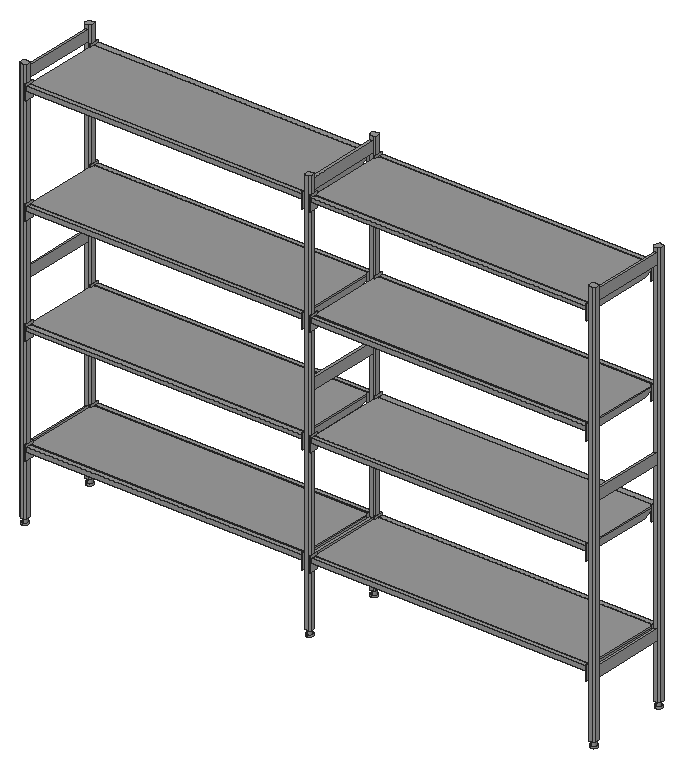
Revit family "QF_ELECTROLUXPROFESSIONAL_137026_ALS2404", category Attrezzature speciali, Revit 2020
Family settings
  Quota connettore circolare = Usa diametro
  Tipo di parte = Normale
  Basato su piano di lavoro = No
  Sempre verticale = Sì
  Taglio con vuoti quando caricato = No
  Condiviso = No
  Punto di calcolo locali = No
Parameters (values of type "Standard")
  Weight = 39.00 kg
  Watts = 0 W
  Volts = 0 V
  URL Manufacturer = "https://www.electroluxprofessional.com/"
  URL = "https://www.electroluxprofessional.com/"
  Steam Supply Size = 0 mm
  Steam Supply Minimum Pressure = 0.0 Pa
  Steam Supply Maximum Pressure = 0.0 Pa
  Steam Consumption per Hour = 0
  Refrigeration Suction Line Size = 0.0 mm
  Refrigeration Liquid Line Size = 0.0 mm
  Refrigerant Compressor Remote = yes
  Prospetto di default = 0.0 mm
  Phase = 0
  Modello = "ALS2404"
  Produttore = "Electrolux Professional"
  Length Actual = 2404.0 mm  # constant formula
  Item Number = "137026"
  Hot Water Size = 0 mm
  Height Actual = 1700.0 mm  # constant formula
  HP = "0 HP"
  Gas Size = 0 mm
  Gas KW = 0
  Gas Input Pressure = 0 W
  Direct Waste Size = 0 mm
  Descrizione = "ALUM.LINEAR SHELV.-POLY.TIERS-373X2404MM"
  Depth Actual = 373.0 mm  # constant formula
  Cycle = 0 Hz
  Condensate Return Size = 0 mm
  Compressed Air Volume = 0.0 L/s
  Compressed Air Size = 0 mm
  Compressed Air Pressure = 0.0 Pa
  Cold Water Size = 0 mm
  Accessory = yes
Reference planes
  plane 1: z = 0
  plane 2 "CenterLeft": x = -31
  plane 3 "LEFT": x = -417
  plane 4 "BACK": y = 23
  plane 5 "FRONT": y = -350
  plane 6 "TOP": z = 1700
  plane 7: x = -385
  plane 8: x = 767
  plane 9 "Center (Front/Back)": y = -163.5
  plane 10: y = -8.5
  plane 11: y = -318.5
  plane 12 "FEET": z = 25
  plane 13: z = 275
  plane 14: z = 725
  plane 15: z = 1175
  plane 16: z = 1625
  plane 17 "CXLeft": x = -403
  plane 18 "Center (Left/Right)": x = 785
  plane 19: y = 5.5
  plane 20 "CYBack": y = 5.5
  plane 21 "CYFront": y = -332.5
  plane 22 "RIGHT": x = 1987
  plane 23: x = 1955
  plane 24 "CXRight": x = 1973
  plane 25: x = 803
Forms (mm)
  Extrusion 1, solid, material "QF_Aluminum"
    sketch origin (-417, 0, -4.006) x (0, 1, 0) y (0, 0, 1)
      loop
        line (-12, 1637.003) -> (4, 1637.003) -> (4, 1655) -> (2.007, 1655) -> (2.007, 1648.501) -> (-329, 1648.501) -> (-329, 1655) -> (-331, 1655) -> (-331, 1637.003) -> (-315, 1637.003) -> (-281, 1625) -> (-46, 1625) -> (-12, 1637.003)
      loop
        line (-12, 1187.003) -> (4, 1187.003) -> (4, 1205) -> (2.007, 1205) -> (2.007, 1198.501) -> (-329, 1198.501) -> (-329, 1205) -> (-331, 1205) -> (-331, 1187.003) -> (-315, 1187.003) -> (-281, 1175) -> (-46, 1175) -> (-12, 1187.003)
      loop
        line (-12, 737.003) -> (4, 737.003) -> (4, 755) -> (2.007, 755) -> (2.007, 748.501) -> (-329, 748.501) -> (-329, 755) -> (-331, 755) -> (-331, 737.003) -> (-315, 737.003) -> (-281, 725) -> (-46, 725) -> (-12, 737.003)
      loop
        line (-12, 287.003) -> (4, 287.003) -> (4, 305) -> (2.007, 305) -> (2.007, 298.501) -> (-329, 298.501) -> (-329, 305) -> (-331, 305) -> (-331, 287.003) -> (-315, 287.003) -> (-281, 275) -> (-46, 275) -> (-12, 287.003)
    from 37 to 32
  Extrusion 2, solid, material "QF_Aluminum"
    sketch origin (-417, 0, 0) x (0, 1, 0) y (0, 0, 1)
      loop
        line (23, 246.005) -> (23, 307.993) -> (-12.993, 307.993) -> (-12.993, 246.005) -> (23, 246.005)
      loop
        line (-350, 246.005) -> (-314.007, 246.005) -> (-314.007, 307.993) -> (-350, 307.993) -> (-350, 246.005)
      loop
        line (23, 696.005) -> (23, 757.993) -> (-12.993, 757.993) -> (-12.993, 696.005) -> (23, 696.005)
      loop
        line (-350, 696.005) -> (-314.007, 696.005) -> (-314.007, 757.993) -> (-350, 757.993) -> (-350, 696.005)
      loop
        line (23, 1146.005) -> (23, 1207.993) -> (-12.993, 1207.993) -> (-12.993, 1146.005) -> (23, 1146.005)
      loop
        line (-350, 1146.005) -> (-314.007, 1146.005) -> (-314.007, 1207.993) -> (-350, 1207.993) -> (-350, 1146.005)
      loop
        line (23, 1596.005) -> (23, 1657.993) -> (-12.993, 1657.993) -> (-12.993, 1596.005) -> (23, 1596.005)
      loop
        line (-350, 1596.005) -> (-314.007, 1596.005) -> (-314.007, 1657.993) -> (-350, 1657.993) -> (-350, 1596.005)
    from 28 to 32
  Extrusion 3, solid, material "QF_Aluminum"
    sketch origin (-417, 0, 0) x (0, 1, 0) y (0, 0, 1)
      loop
        line (4, 1650.994) -> (4, 1632.998) -> (23, 1632.998) -> (23, 1650.994) -> (4, 1650.994)
      loop
        line (-331, 1650.994) -> (-350, 1650.994) -> (-350, 1632.998) -> (-331, 1632.998) -> (-331, 1650.994)
      loop
        line (4, 1200.994) -> (4, 1182.998) -> (23, 1182.998) -> (23, 1200.994) -> (4, 1200.994)
      loop
        line (-331, 1200.994) -> (-350, 1200.994) -> (-350, 1182.998) -> (-331, 1182.998) -> (-331, 1200.994)
      loop
        line (4, 750.994) -> (4, 732.998) -> (23, 732.998) -> (23, 750.994) -> (4, 750.994)
      loop
        line (-331, 750.994) -> (-350, 750.994) -> (-350, 732.998) -> (-331, 732.998) -> (-331, 750.994)
      loop
        line (4, 300.994) -> (4, 282.998) -> (23, 282.998) -> (23, 300.994) -> (4, 300.994)
      loop
        line (-331, 300.994) -> (-350, 300.994) -> (-350, 282.998) -> (-331, 282.998) -> (-331, 300.994)
    from 32 to 1184
  Extrusion 4, solid, material "QF_Polyethylene"
    sketch origin (-417, 0, 0) x (0, 1, 0) y (0, 0, 1)
      loop
        line (2.007, 1650.994) -> (-329, 1650.994) -> (-329, 1644.496) -> (2.007, 1644.496) -> (2.007, 1650.994)
      loop
        line (2.007, 1200.994) -> (-329, 1200.994) -> (-329, 1194.496) -> (2.007, 1194.496) -> (2.007, 1200.994)
      loop
        line (2.007, 750.994) -> (-329, 750.994) -> (-329, 744.496) -> (2.007, 744.496) -> (2.007, 750.994)
      loop
        line (2.007, 300.994) -> (-329, 300.994) -> (-329, 294.496) -> (2.007, 294.496) -> (2.007, 300.994)
    from 32 to 1184
  Extrusion 5, solid, material "QF_Aluminum"
    sketch origin (1987, 0, 0) x (0, 1, 0) y (0, 0, 1)
      loop
        line (4, 1650.994) -> (4, 1632.998) -> (23, 1632.998) -> (23, 1650.994) -> (4, 1650.994)
      loop
        line (-331, 1650.994) -> (-350, 1650.994) -> (-350, 1632.998) -> (-331, 1632.998) -> (-331, 1650.994)
      loop
        line (4, 1200.994) -> (4, 1182.998) -> (23, 1182.998) -> (23, 1200.994) -> (4, 1200.994)
      loop
        line (-331, 1200.994) -> (-350, 1200.994) -> (-350, 1182.998) -> (-331, 1182.998) -> (-331, 1200.994)
      loop
        line (4, 750.994) -> (4, 732.998) -> (23, 732.998) -> (23, 750.994) -> (4, 750.994)
      loop
        line (-331, 750.994) -> (-350, 750.994) -> (-350, 732.998) -> (-331, 732.998) -> (-331, 750.994)
      loop
        line (4, 300.994) -> (4, 282.998) -> (23, 282.998) -> (23, 300.994) -> (4, 300.994)
      loop
        line (-331, 300.994) -> (-350, 300.994) -> (-350, 282.998) -> (-331, 282.998) -> (-331, 300.994)
    from -32 to -1184
  Extrusion 6, solid, material "QF_Polyethylene"
    sketch origin (1987, 0, 0) x (0, 1, 0) y (0, 0, 1)
      loop
        line (2.007, 1650.994) -> (-329, 1650.994) -> (-329, 1644.496) -> (2.007, 1644.496) -> (2.007, 1650.994)
      loop
        line (2.007, 1200.994) -> (-329, 1200.994) -> (-329, 1194.496) -> (2.007, 1194.496) -> (2.007, 1200.994)
      loop
        line (2.007, 750.994) -> (-329, 750.994) -> (-329, 744.496) -> (2.007, 744.496) -> (2.007, 750.994)
      loop
        line (2.007, 300.994) -> (-329, 300.994) -> (-329, 294.496) -> (2.007, 294.496) -> (2.007, 300.994)
    from -32 to -1184
Lines and regions (mm)
  symbolic lines
    curve 1: line (767, 4, 1700) -> (-385, 4, 1700)
    curve 2: line (-408, -8.5, 1700) -> (-408, -318.5, 1700)
    curve 3: line (-398, -318.5, 1700) -> (-398, -8.5, 1700)
    curve 4: line (-389, 23, 1700) -> (771, 23, 1700)
    curve 5: line (-385, -350, 1700) -> (767, -350, 1700)
    curve 6: line (799, 23, 1700) -> (1959, 23, 1700)
    curve 7: line (799, -350, 1700) -> (1959, -350, 1700)
    curve 8: line (-385, -331, 1700) -> (767, -331, 1700)
    curve 9: line (803, -331, 1700) -> (1955, -331, 1700)
    curve 10: line (803, 4, 1700) -> (1955, 4, 1700)
    curve 11: line (1955, -12.993, 1700) -> (1955, -314.007, 1700)
    curve 12: line (767, -12.993, 1700) -> (767, -314.007, 1700)
    curve 13: line (803, -314.007, 1700) -> (803, -12.993, 1700)
    curve 14: line (-385, -12.993, 1700) -> (-385, -314.007, 1700)
Dimensions and locks
  plane 3 "LEFT" to plane 2 "CenterLeft" = 386.0 mm
  locked: plane 6 "TOP" to level at 1700
  locked: plane 4 "BACK" to plane 5 "FRONT" at 373
  locked: plane 7 to plane 8 at 1152
  locked: plane 10 to plane 11 at 310
  equal spacing: plane 10, plane 9 "Center (Front/Back)", plane 11
  equal spacing: plane 4 "BACK", plane 9 "Center (Front/Back)", plane 5 "FRONT"
  plane 12 "FEET" to level = 25.0 mm
  plane 6 "TOP" to plane 12 "FEET" = 1675.0 mm
  plane 13 to plane 12 "FEET" = 250.0 mm
  plane 14 to plane 13 = 450.0 mm
  plane 15 to plane 14 = 450.0 mm
  plane 16 to plane 15 = 450.0 mm
  locked: plane 4 "BACK" to plane 20 "CYBack" at 17.5
  locked: plane 21 "CYFront" to plane 5 "FRONT" at 17.5
  locked: plane 4 "BACK" to Extrusion 1 at 19
  locked: Extrusion 1 to plane 5 "FRONT" at 19
  Extrusion 1 sketch curve to plane 21 "CYFront" = 3.5 mm
  plane 3 "LEFT" to plane 22 "RIGHT" = 2404.0 mm
  locked: plane 25 to plane 23 at 1152
  locked: plane 8 to plane 18 "Center (Left/Right)" at 18
  locked: plane 18 "Center (Left/Right)" to plane 25 at 18
  locked: plane 3 "LEFT" to plane 7 at 32
  locked: plane 24 "CXRight" to plane 22 "RIGHT" at 14
  aligned and locked: level to plane 1
  aligned and locked: plane 7 to Extrusion 1
  aligned and locked: Extrusion 2 to plane 7
  aligned and locked: plane 7 to Extrusion 4
  aligned and locked: Extrusion 4 to plane 8
  aligned and locked: plane 7 to Extrusion 3
  aligned and locked: Extrusion 3 to plane 8
  aligned and locked: Extrusion 3 sketch curve to Extrusion 1
  aligned and locked: Extrusion 1 to Extrusion 3 sketch curve
  aligned and locked: Extrusion 3 sketch curve to Extrusion 3 sketch curve  (x2)
  aligned and locked: Extrusion 1 sketch curve to Extrusion 1 sketch curve  (x3)
  aligned and locked: Extrusion 4 sketch curve to Extrusion 1  (x4)
  aligned and locked: Extrusion 5 sketch curve to Extrusion 5 sketch curve  (x2)
  aligned and locked: Extrusion 5 to plane 25
  aligned and locked: Extrusion 6 to plane 25
  aligned and locked: plane 18 "Center (Left/Right)" to nested 3
  aligned and locked: plane 17 "CXLeft" to nested 1
  aligned and locked: Extrusion 3 to plane 7  (x3)
  aligned and locked: plane 8 to Extrusion 3  (x4)
  aligned and locked: plane 25 to Extrusion 5  (x4)
  aligned and locked: plane 25 to Extrusion 6  (x4)
  aligned and locked: plane 8 to Extrusion 4  (x4)
  aligned and locked: plane 24 "CXRight" to nested 2
  aligned and locked: Extrusion 5 to plane 23
  aligned and locked: Extrusion 6 to plane 23
  aligned and locked: plane 23 to Extrusion 5  (x3)
  aligned and locked: plane 23 to Extrusion 6  (x3)
Automatic sketch dimensions
  plane 21 "CYFront" to Extrusion 1 sketch curve = 1.5 mm  (x4)
  plane 11 to Extrusion 1 sketch curve = 3.5 mm  (x4)
  Extrusion 1 sketch curve to plane 13 = 4.006 mm
  Extrusion 1 sketch curve to Extrusion 1 sketch curve = 34.0 mm  (x4)
  Extrusion 1 sketch curve to plane 14 = 4.006 mm
  Extrusion 1 sketch curve to plane 15 = 4.006 mm
  Extrusion 1 sketch curve to plane 16 = 4.006 mm
  Extrusion 1 sketch curve to plane 10 = 37.5 mm  (x4)
  Extrusion 1 sketch curve to plane 10 = 3.5 mm  (x4)
  plane 19 to Extrusion 1 sketch curve = 3.493 mm  (x4)
  plane 19 to Extrusion 1 sketch curve = 1.5 mm  (x4)
  plane 13 to Extrusion 1 sketch curve = 7.998 mm  (x2)
  Extrusion 1 sketch curve to Extrusion 1 sketch curve = 11.498 mm  (x4)
  Extrusion 1 sketch curve to Extrusion 1 sketch curve = 6.499 mm  (x8)
  plane 14 to Extrusion 1 sketch curve = 7.998 mm  (x2)
  plane 15 to Extrusion 1 sketch curve = 7.998 mm  (x2)
  plane 16 to Extrusion 1 sketch curve = 7.998 mm  (x2)
  Extrusion 2 sketch curve to plane 5 "FRONT" = 0.0 mm  (x4)
  Extrusion 2 sketch curve to plane 4 "BACK" = 0.0 mm  (x4)
  plane 11 to Extrusion 2 sketch curve = 4.493 mm  (x4)
  Extrusion 2 sketch curve to plane 10 = 4.493 mm  (x4)
  Extrusion 2 sketch curve to plane 13 = 28.995 mm  (x2)
  plane 13 to Extrusion 2 sketch curve = 32.993 mm  (x2)
  Extrusion 2 sketch curve to plane 14 = 28.995 mm  (x2)
  plane 14 to Extrusion 2 sketch curve = 32.993 mm  (x2)
  Extrusion 2 sketch curve to plane 15 = 28.995 mm  (x2)
  plane 15 to Extrusion 2 sketch curve = 32.993 mm  (x2)
  Extrusion 2 sketch curve to plane 16 = 28.995 mm  (x2)
  plane 16 to Extrusion 2 sketch curve = 32.993 mm  (x2)
  Extrusion 3 sketch curve to plane 5 "FRONT" = 0.0 mm  (x4)
  Extrusion 3 sketch curve to plane 4 "BACK" = 0.0 mm  (x4)
  plane 19 to Extrusion 3 sketch curve = 1.5 mm  (x4)
  plane 13 to Extrusion 3 sketch curve = 7.998 mm  (x2)
  Extrusion 3 sketch curve to Extrusion 3 sketch curve = 17.997 mm  (x8)
  plane 14 to Extrusion 3 sketch curve = 7.998 mm  (x2)
  plane 15 to Extrusion 3 sketch curve = 7.998 mm  (x2)
  plane 16 to Extrusion 3 sketch curve = 7.998 mm  (x2)
  plane 19 to Extrusion 4 sketch curve = 3.493 mm  (x4)
  plane 13 to Extrusion 4 sketch curve = 19.496 mm
  Extrusion 4 sketch curve to Extrusion 4 sketch curve = 6.499 mm  (x4)
  plane 14 to Extrusion 4 sketch curve = 19.496 mm
  plane 15 to Extrusion 4 sketch curve = 19.496 mm
  plane 16 to Extrusion 4 sketch curve = 19.496 mm
  Extrusion 5 sketch curve to plane 5 "FRONT" = 0.0 mm  (x4)
  Extrusion 5 sketch curve to plane 4 "BACK" = 0.0 mm  (x4)
  plane 21 "CYFront" to Extrusion 5 sketch curve = 1.5 mm  (x2)
  plane 19 to Extrusion 5 sketch curve = 1.5 mm  (x4)
  plane 13 to Extrusion 5 sketch curve = 7.998 mm  (x2)
  Extrusion 5 sketch curve to Extrusion 5 sketch curve = 17.997 mm  (x8)
  plane 14 to Extrusion 5 sketch curve = 7.998 mm  (x2)
  plane 15 to Extrusion 5 sketch curve = 7.998 mm  (x2)
  plane 16 to Extrusion 5 sketch curve = 7.998 mm  (x2)
  plane 21 "CYFront" to Extrusion 6 sketch curve = 3.5 mm  (x4)
  plane 19 to Extrusion 6 sketch curve = 3.493 mm  (x4)
  plane 13 to Extrusion 6 sketch curve = 19.496 mm
  Extrusion 6 sketch curve to Extrusion 6 sketch curve = 6.499 mm  (x4)
  plane 14 to Extrusion 6 sketch curve = 19.496 mm
  plane 15 to Extrusion 6 sketch curve = 19.496 mm
  plane 16 to Extrusion 6 sketch curve = 19.496 mm
  curve 7 to plane 5 "FRONT" = 0.0 mm
  curve 5 to plane 5 "FRONT" = 0.0 mm
  curve 8 to plane 8 = 0.0 mm
  curve 9 to plane 25 = 0.0 mm
  curve 9 to plane 23 = 0.0 mm
  curve 8 to plane 7 = 0.0 mm
  curve 2 to plane 11 = 0.0 mm
  curve 3 to plane 11 = 0.0 mm
  curve 14 to plane 7 = 0.0 mm
  curve 13 to plane 25 = 0.0 mm
  curve 12 to plane 8 = 0.0 mm
  curve 11 to plane 23 = 0.0 mm
  curve 3 to plane 10 = 0.0 mm
  curve 2 to plane 10 = 0.0 mm
  curve 1 to plane 8 = 0.0 mm
  curve 1 to plane 7 = 0.0 mm
  curve 10 to plane 23 = 0.0 mm
  curve 10 to plane 25 = 0.0 mm
  curve 4 to plane 4 "BACK" = 0.0 mm
  curve 6 to plane 4 "BACK" = 0.0 mm
  curve 5 to plane 8 = 0.0 mm
  curve 5 to plane 7 = 0.0 mm
  plane 21 "CYFront" to curve 8 = 1.5 mm
  plane 21 "CYFront" to curve 9 = 1.5 mm
  plane 11 to curve 14 = 4.493 mm
  plane 11 to curve 13 = 4.493 mm
  plane 11 to curve 12 = 4.493 mm
  plane 11 to curve 11 = 4.493 mm
  curve 14 to plane 10 = 4.493 mm
  curve 13 to plane 10 = 4.493 mm
  curve 12 to plane 10 = 4.493 mm
  curve 11 to plane 10 = 4.493 mm
  plane 19 to curve 1 = 1.5 mm
  plane 19 to curve 10 = 1.5 mm
  curve 6 to plane 23 = 4.0 mm
  curve 7 to plane 23 = 4.0 mm
  curve 6 to plane 25 = 4.0 mm
  curve 7 to plane 25 = 4.0 mm
  curve 4 to plane 8 = 4.0 mm
  plane 7 to curve 4 = 4.0 mm
  plane 17 "CXLeft" to curve 3 = 5.0 mm
  curve 2 to plane 17 "CXLeft" = 5.0 mm
Nested families
  nested 1: "WT_Anta373" at (0, 0, 0), type "WT_Anta373"
  nested 2: "WT_Anta373" at (1570, 0, 0) x (-1, 0, 0) z (0, 0, 1), type "WT_Anta373"
  nested 3: "WT_Anta373Center" at (1188, 0, 0), type "WT_Anta373Center"
Definition of nested family "WT_Anta373"
  Parameters
    WidthLeft = A + 64.0 mm  # 772.0 mm
    Width = 1606.0 mm
    Right = WidthLeft / 2  # 386.0 mm
    Default Elevation = 0.0 mm
    Left = -WidthLeft / 2  # -386.0 mm
    Height = 1725.0 mm
    FEET = 25.0 mm
    E = 0.0 mm
    Dint = Depth - 63.0 mm  # 310.0 mm
    Dext = Depth - 8.0 mm  # 365.0 mm
    Depth = 373.0 mm
    DX = (WidthLeft - A) / 2  # 32.0 mm
    B = 798.0 mm
    A = 708.0 mm
  Reference planes
    plane 1: z = 0
    plane 2 "LEFT": x = -417
    plane 3 "BACK": y = 23
    plane 4 "FRONT": y = -350
    plane 5 "TOP": z = 1725
    plane 6 "Center (Front/Back)": y = -163.5
    plane 7: y = -8.5
    plane 8: y = -318.5
    plane 9 "FEET": z = 25
    plane 10: z = 275
    plane 11: z = 725
    plane 12: z = 1175
    plane 13: z = 1625
    plane 14 "CXLeft": x = -403
    plane 15: y = 5.5
    plane 16 "CYBack": y = 5.5
    plane 17 "CYFront": y = -332.5
    plane 18: x = -385.031
    plane 19: x = -380.031
  Forms (mm)
    Extrusion 1, solid
      sketch origin (0, 0, 0) x (1, 0, 0) y (0, 1, 0)
        loop
          line (-417, 13.246) -> (-417, -2.246) -> (-410.746, -8.5) -> (-395.254, -8.5) -> (-389, -2.246) -> (-389, 13.246) -> (-395.254, 19.5) -> (-410.746, 19.5) -> (-417, 13.246)
      from 1725 to 25
    Extrusion 2, solid
      sketch origin (-417, 0, 0) x (0, 1, 0) y (0, 0, 1)
        loop
          line (23, 246.005) -> (23, 307.993) -> (-12.993, 307.993) -> (-12.993, 246.005) -> (23, 246.005)
        loop
          line (-350, 246.005) -> (-314.007, 246.005) -> (-314.007, 307.993) -> (-350, 307.993) -> (-350, 246.005)
        loop
          line (23, 696.005) -> (23, 757.993) -> (-12.993, 757.993) -> (-12.993, 696.005) -> (23, 696.005)
        loop
          line (-350, 696.005) -> (-314.007, 696.005) -> (-314.007, 757.993) -> (-350, 757.993) -> (-350, 696.005)
        loop
          line (23, 1146.005) -> (23, 1207.993) -> (-12.993, 1207.993) -> (-12.993, 1146.005) -> (23, 1146.005)
        loop
          line (-350, 1146.005) -> (-314.007, 1146.005) -> (-314.007, 1207.993) -> (-350, 1207.993) -> (-350, 1146.005)
        loop
          line (23, 1596.005) -> (23, 1657.993) -> (-12.993, 1657.993) -> (-12.993, 1596.005) -> (23, 1596.005)
        loop
          line (-350, 1596.005) -> (-314.007, 1596.005) -> (-314.007, 1657.993) -> (-350, 1657.993) -> (-350, 1596.005)
      from 28 to 32
    Revolve 3, solid
      sketch origin (-403, 0, 0) x (0, 1, 0) y (0, 0, 1)
        loop
          line (5.5, 25) -> (5.5, 0) -> (19, 0) -> (19, 5) -> (14, 5) -> (14, 25) -> (5.5, 25)
        axis (5.5, 25) -> (5.5, 0)
      angle from 0 to 360
    Extrusion 4, solid
      sketch origin (-403, 0, 0) x (0, 1, 0) y (0, 0, 1)
        loop
          line (-8.5, 912.382) -> (-8.5, 957.374) -> (-318.5, 957.374) -> (-318.5, 912.382) -> (-8.5, 912.382)
        loop
          line (-8.5, 1662.244) -> (-8.5, 1707.236) -> (-318.5, 1707.236) -> (-318.5, 1662.244) -> (-8.5, 1662.244)
      from -5 to 5
    Revolve 5, solid
      sketch origin (-403, -627, 0) x (0, -1, 0) y (0, 0, 1)
        loop
          line (-294.5, 25) -> (-294.5, 0) -> (-281, 0) -> (-281, 5) -> (-286, 5) -> (-286, 25) -> (-294.5, 25)
        axis (-294.5, 25) -> (-294.5, 0)
      angle from 0 to 360
    Extrusion 6, solid
      sketch origin (0, -627, 0) x (1, 0, 0) y (0, 1, 0)
        loop
          line (-417, 286.754) -> (-410.746, 280.5) -> (-395.254, 280.5) -> (-389, 286.754) -> (-389, 302.246) -> (-395.254, 308.5) -> (-410.746, 308.5) -> (-417, 302.246) -> (-417, 286.754)
      from 1725 to 25
    Extrusion 7, solid
      sketch origin (-417.031, -0.022, 0) x (0, 1, 0) y (0, 0, -1)
        loop
          line (-12, -1632.998) -> (-46, -1620.994) -> (-281, -1620.994) -> (-315, -1632.998) -> (-331, -1632.998) -> (-331, -1650.994) -> (-329, -1650.994) -> (-329, -1644.496) -> (2.007, -1644.496) -> (2.007, -1650.994) -> (4, -1650.994) -> (4, -1632.998) -> (-12, -1632.998)
        loop
          line (-12, -1182.998) -> (-46, -1170.994) -> (-281, -1170.994) -> (-315, -1182.998) -> (-331, -1182.998) -> (-331, -1200.994) -> (-329, -1200.994) -> (-329, -1194.496) -> (2.007, -1194.496) -> (2.007, -1200.994) -> (4, -1200.994) -> (4, -1182.998) -> (-12, -1182.998)
        loop
          line (-12, -732.998) -> (-46, -720.994) -> (-281, -720.994) -> (-315, -732.998) -> (-331, -732.998) -> (-331, -750.994) -> (-329, -750.994) -> (-329, -744.496) -> (2.007, -744.496) -> (2.007, -750.994) -> (4, -750.994) -> (4, -732.998) -> (-12, -732.998)
        loop
          line (-12, -282.998) -> (-46, -270.994) -> (-281, -270.994) -> (-315, -282.998) -> (-331, -282.998) -> (-331, -300.994) -> (-329, -300.994) -> (-329, -294.496) -> (2.007, -294.496) -> (2.007, -300.994) -> (4, -300.994) -> (4, -282.998) -> (-12, -282.998)
      from -32 to -37
    Extrusion 8, solid
      sketch origin (-403, 0, -659.878) x (0, 1, 0) y (0, 0, 1)
        loop
          line (-8.5, 912.382) -> (-8.5, 957.374) -> (-318.5, 957.374) -> (-318.5, 912.382) -> (-8.5, 912.382)
        loop
          line (-8.5, 1572.382) -> (-8.5, 1617.374) -> (-318.5, 1617.374) -> (-318.5, 1572.382) -> (-8.5, 1572.382)
        loop
          line (-8.5, 2322.382) -> (-8.5, 2367.374) -> (-318.5, 2367.374) -> (-318.5, 2322.382) -> (-8.5, 2322.382)
      from -5 to 5
  Lines and regions (mm)
    symbolic lines
      curve 1: line (-408, -8.5, 1725) -> (-408, -318.5, 1725)
      curve 2: line (-398, -318.5, 1725) -> (-398, -8.5, 1725)
      curve 3: line (-395.254, -8.5, 1725) -> (-410.746, -8.5, 1725)
      curve 4: line (-417, -2.246, 1725) -> (-410.746, -8.5, 1725)
      curve 5: line (-417, 13.246, 1725) -> (-417, -2.246, 1725)
      curve 6: line (-410.746, 19.5, 1725) -> (-417, 13.246, 1725)
      curve 7: line (-395.254, 19.5, 1725) -> (-410.746, 19.5, 1725)
      curve 8: line (-389, 13.246, 1725) -> (-395.254, 19.5, 1725)
      curve 9: line (-395.254, -8.5, 1725) -> (-389, -2.246, 1725)
      curve 10: line (-395.254, -318.5, 1725) -> (-410.746, -318.5, 1725)
      curve 11: line (-417, -324.754, 1725) -> (-410.746, -318.5, 1725)
      curve 12: line (-410.746, -346.5, 1725) -> (-417, -340.246, 1725)
      curve 13: line (-395.254, -346.5, 1725) -> (-410.746, -346.5, 1725)
      curve 14: line (-389, -340.246, 1725) -> (-395.254, -346.5, 1725)
      curve 15: line (-395.254, -318.5, 1725) -> (-389, -324.754, 1725)
      curve 16: line (-389, -350, 1725) -> (-389, -314.007, 1725)
      curve 17: line (-389, -314.007, 1725) -> (-385, -314.007, 1725)
      curve 18: line (-389, 23, 1725) -> (-389, -12.993, 1725)
      curve 19: line (-389, -12.993, 1725) -> (-385, -12.993, 1725)
      curve 20: line (-417, -324.754, 1725) -> (-417, -340.246, 1725)
      curve 21: line (-385, -350, 1725) -> (-385, -314.007, 1725)
      curve 22: line (-385, -350, 1725) -> (-389, -350, 1725)
      curve 23: line (-385, 23, 1725) -> (-389, 23, 1725)
      curve 24: line (-385, -12.993, 1725) -> (-385, 23, 1725)
      curve 25: line (-385.031, -13.016, 1725) -> (-385.031, -314.029, 1725)
  Dimensions and locks
    "Height": plane 5 "TOP" to level
    "Depth": plane 3 "BACK" to plane 4 "FRONT"
    "Dint": plane 7 to plane 8
    equal spacing: plane 7, plane 6 "Center (Front/Back)", plane 8
    equal spacing: plane 3 "BACK", plane 6 "Center (Front/Back)", plane 4 "FRONT"
    plane 9 "FEET" to level = 25.0 mm
    plane 5 "TOP" to plane 9 "FEET" = 1700.0 mm
    plane 10 to plane 9 "FEET" = 250.0 mm
    plane 11 to plane 10 = 450.0 mm
    plane 12 to plane 11 = 450.0 mm
    plane 13 to plane 12 = 450.0 mm
    locked: plane 2 "LEFT" to plane 14 "CXLeft" at 14
    locked: plane 3 "BACK" to plane 16 "CYBack" at 17.5
    locked: plane 17 "CYFront" to plane 4 "FRONT" at 17.5
    locked: Revolve 3 sketch curve to Revolve 3 sketch curve at 8.5
    locked: Revolve 3 sketch curve to plane 16 "CYBack" at 13.5
    locked: Revolve 5 sketch curve to Revolve 5 sketch curve at 8.5
    aligned and locked: level to plane 1
    aligned and locked: curve 20 to Extrusion 6
    aligned and locked: plane 5 "TOP" to Extrusion 1
    aligned and locked: plane 5 "TOP" to Extrusion 6
    aligned and locked: Extrusion 7 sketch curve to Extrusion 7 sketch curve  (x3)
  Automatic sketch dimensions
    curve 16 to plane 4 "FRONT" = 0.0 mm
    curve 11 to plane 8 = 0.0 mm
    curve 9 to plane 7 = 0.0 mm
    curve 5 to plane 2 "LEFT" = 0.0 mm
    curve 23 to plane 3 "BACK" = 0.0 mm
    plane 4 "FRONT" to curve 13 = 3.5 mm
    curve 20 to plane 17 "CYFront" = 7.746 mm
    curve 20 to plane 8 = 6.254 mm
    plane 8 to curve 16 = 4.493 mm
    curve 24 to plane 18 = 0.031 mm
    curve 24 to plane 7 = 4.493 mm
    plane 7 to curve 5 = 6.254 mm
    curve 5 to plane 15 = 7.746 mm
    curve 6 to plane 3 "BACK" = 3.5 mm
    curve 21 to plane 18 = 0.031 mm
    plane 18 to curve 23 = 3.969 mm
    plane 18 to curve 16 = 3.969 mm
    curve 18 to curve 8 = 6.254 mm
    curve 18 to curve 3 = 6.254 mm
    curve 16 to curve 13 = 6.254 mm
    curve 16 to curve 15 = 6.254 mm
    plane 2 "LEFT" to curve 10 = 6.254 mm
    plane 2 "LEFT" to curve 7 = 6.254 mm
    plane 2 "LEFT" to curve 12 = 6.254 mm
    plane 2 "LEFT" to curve 3 = 6.254 mm
    curve 14 to plane 17 "CYFront" = 7.746 mm
    curve 15 to plane 8 = 6.254 mm
    plane 7 to curve 9 = 6.254 mm
    curve 8 to plane 15 = 7.746 mm
    curve 3 to curve 2 = 2.746 mm
    curve 1 to curve 10 = 2.746 mm
    Extrusion 1 sketch curve to plane 2 "LEFT" = 0.0 mm
    Extrusion 1 sketch curve to plane 7 = 0.0 mm
    plane 2 "LEFT" to Extrusion 1 sketch curve = 6.254 mm  (x2)
    plane 14 "CXLeft" to Extrusion 1 sketch curve = 7.746 mm  (x2)
    Extrusion 1 sketch curve to plane 3 "BACK" = 3.5 mm
    plane 18 to Extrusion 1 sketch curve = 3.969 mm
    plane 7 to Extrusion 1 sketch curve = 6.254 mm  (x2)
    Extrusion 1 sketch curve to plane 15 = 7.746 mm  (x2)
    Extrusion 2 sketch curve to plane 4 "FRONT" = 0.0 mm  (x4)
    Extrusion 2 sketch curve to plane 3 "BACK" = 0.0 mm  (x4)
    plane 8 to Extrusion 2 sketch curve = 4.493 mm  (x4)
    Extrusion 2 sketch curve to plane 7 = 4.493 mm  (x4)
    Extrusion 2 sketch curve to plane 10 = 28.995 mm  (x2)
    plane 10 to Extrusion 2 sketch curve = 32.993 mm  (x2)
    Extrusion 2 sketch curve to plane 11 = 28.995 mm  (x2)
    plane 11 to Extrusion 2 sketch curve = 32.993 mm  (x2)
    Extrusion 2 sketch curve to plane 12 = 28.995 mm  (x2)
    plane 12 to Extrusion 2 sketch curve = 32.993 mm  (x2)
    Extrusion 2 sketch curve to plane 13 = 28.995 mm  (x2)
    plane 13 to Extrusion 2 sketch curve = 32.993 mm  (x2)
    Revolve 3 sketch curve to plane 9 "FEET" = 0.0 mm  (x2)
    Revolve 3 sketch curve to plane 15 = 0.0 mm  (x2)
    Revolve 3 sketch curve to level = 0.0 mm
    level to Revolve 3 sketch curve = 5.0 mm
    Revolve 3 sketch curve to Revolve 3 sketch curve = 11.655 mm
    Extrusion 4 sketch curve to plane 8 = 0.0 mm  (x2)
    Extrusion 4 sketch curve to plane 7 = 0.0 mm  (x2)
    plane 11 to Extrusion 4 sketch curve = 187.382 mm
    Extrusion 4 sketch curve to Extrusion 4 sketch curve = 44.992 mm
    plane 13 to Extrusion 4 sketch curve = 37.244 mm
    Extrusion 4 sketch curve to plane 5 "TOP" = 17.764 mm
    Revolve 5 sketch curve to plane 9 "FEET" = 0.0 mm  (x2)
    Revolve 5 sketch curve to plane 17 "CYFront" = 0.0 mm  (x2)
    Revolve 5 sketch curve to level = 0.0 mm
    Revolve 5 sketch curve to plane 4 "FRONT" = 4.0 mm
    Revolve 5 sketch curve to Revolve 5 sketch curve = 5.0 mm
    level to Revolve 5 sketch curve = 11.655 mm
    Extrusion 6 sketch curve to plane 2 "LEFT" = 0.0 mm
    Extrusion 6 sketch curve to plane 8 = 0.0 mm
    Extrusion 6 sketch curve to plane 2 "LEFT" = 6.254 mm  (x2)
    Extrusion 6 sketch curve to plane 14 "CXLeft" = 7.746 mm  (x2)
    Extrusion 6 sketch curve to plane 4 "FRONT" = 3.5 mm
    Extrusion 6 sketch curve to plane 18 = 3.969 mm
    plane 8 to Extrusion 6 sketch curve = 6.254 mm  (x2)
    plane 17 "CYFront" to Extrusion 6 sketch curve = 7.746 mm  (x2)
    plane 17 "CYFront" to Extrusion 7 sketch curve = 1.478 mm  (x4)
    Extrusion 7 sketch curve to Extrusion 7 sketch curve = 2.0 mm
    plane 8 to Extrusion 7 sketch curve = 3.478 mm  (x4)
    Extrusion 7 sketch curve to plane 10 = 4.006 mm
    Extrusion 7 sketch curve to Extrusion 7 sketch curve = 34.0 mm  (x4)
    Extrusion 7 sketch curve to plane 11 = 4.006 mm
    Extrusion 7 sketch curve to plane 12 = 4.006 mm
    Extrusion 7 sketch curve to plane 13 = 4.006 mm
    Extrusion 7 sketch curve to plane 7 = 37.522 mm  (x4)
    Extrusion 7 sketch curve to plane 7 = 3.522 mm  (x4)
    plane 15 to Extrusion 7 sketch curve = 3.516 mm  (x4)
    plane 15 to Extrusion 7 sketch curve = 1.522 mm  (x4)
    plane 13 to Extrusion 7 sketch curve = 7.998 mm  (x2)
    Extrusion 7 sketch curve to Extrusion 7 sketch curve = 11.498 mm
    Extrusion 7 sketch curve to Extrusion 7 sketch curve = 6.499 mm  (x5)
    plane 12 to Extrusion 7 sketch curve = 25.994 mm  (x2)
    plane 12 to Extrusion 7 sketch curve = 7.998 mm  (x2)
    plane 11 to Extrusion 7 sketch curve = 25.994 mm  (x2)
    plane 11 to Extrusion 7 sketch curve = 7.998 mm  (x2)
    plane 10 to Extrusion 7 sketch curve = 25.994 mm  (x2)
    plane 10 to Extrusion 7 sketch curve = 7.998 mm  (x2)
    curve 25 to plane 18 = 0.0 mm
    plane 8 to curve 25 = 4.471 mm
    curve 25 to plane 7 = 4.516 mm
    Extrusion 8 sketch curve to plane 8 = 0.0 mm  (x3)
    Extrusion 8 sketch curve to plane 7 = 0.0 mm  (x3)
    Extrusion 8 sketch curve to plane 10 = 22.496 mm
    plane 10 to Extrusion 8 sketch curve = 22.496 mm
    plane 11 to Extrusion 8 sketch curve = 187.504 mm
    Extrusion 8 sketch curve to Extrusion 8 sketch curve = 44.992 mm
    plane 13 to Extrusion 8 sketch curve = 37.504 mm
    Extrusion 8 sketch curve to plane 5 "TOP" = 17.504 mm
Definition of nested family "WT_Anta373Center"
  Parameters
    WidthLeft = A + 64.0 mm  # 772.0 mm
    Width = 1606.0 mm
    Right = WidthLeft / 2  # 386.0 mm
    Default Elevation = 0.0 mm
    Left = -WidthLeft / 2  # -386.0 mm
    Height = 1725.0 mm
    FEET = 25.0 mm
    E = 0.0 mm
    Dint = Depth - 63.0 mm  # 310.0 mm
    Dext = Depth - 8.0 mm  # 365.0 mm
    Depth = 373.0 mm
    DX = (WidthLeft - A) / 2  # 32.0 mm
    B = 798.0 mm
    A = 708.0 mm
  Reference planes
    plane 1: z = 0
    plane 2 "L": x = -417
    plane 3 "BACK": y = 23
    plane 4 "FRONT": y = -350
    plane 5 "TOP": z = 1725
    plane 6 "Center (Front/Back)": y = -163.5
    plane 7: y = -8.5
    plane 8: y = -318.5
    plane 9 "FEET": z = 25
    plane 10: z = 275
    plane 11: z = 725
    plane 12: z = 1175
    plane 13: z = 1625
    plane 14 "CXLeft": x = -403
    plane 15: y = 5.5
    plane 16 "CYBack": y = 5.5
    plane 17 "CYFront": y = -332.5
    plane 18: x = -385.031
    plane 19 "RIGHT": x = -380.031
    plane 20: x = -420.969
    plane 21 "LEFT": x = -425.969
  Forms (mm)
    Extrusion 1, solid
      sketch origin (0, 0, 0) x (1, 0, 0) y (0, 1, 0)
        loop
          line (-417, 13.246) -> (-417, -2.246) -> (-410.746, -8.5) -> (-395.254, -8.5) -> (-389, -2.246) -> (-389, 13.246) -> (-395.254, 19.5) -> (-410.746, 19.5) -> (-417, 13.246)
      from 1725 to 25
    Extrusion 2, solid
      sketch origin (-417, 0, 0) x (0, 1, 0) y (0, 0, 1)
        loop
          line (23, 246.005) -> (23, 307.993) -> (-12.993, 307.993) -> (-12.993, 246.005) -> (23, 246.005)
        loop
          line (-350, 246.005) -> (-314.007, 246.005) -> (-314.007, 307.993) -> (-350, 307.993) -> (-350, 246.005)
        loop
          line (23, 696.005) -> (23, 757.993) -> (-12.993, 757.993) -> (-12.993, 696.005) -> (23, 696.005)
        loop
          line (-350, 696.005) -> (-314.007, 696.005) -> (-314.007, 757.993) -> (-350, 757.993) -> (-350, 696.005)
        loop
          line (23, 1146.005) -> (23, 1207.993) -> (-12.993, 1207.993) -> (-12.993, 1146.005) -> (23, 1146.005)
        loop
          line (-350, 1146.005) -> (-314.007, 1146.005) -> (-314.007, 1207.993) -> (-350, 1207.993) -> (-350, 1146.005)
        loop
          line (23, 1596.005) -> (23, 1657.993) -> (-12.993, 1657.993) -> (-12.993, 1596.005) -> (23, 1596.005)
        loop
          line (-350, 1596.005) -> (-314.007, 1596.005) -> (-314.007, 1657.993) -> (-350, 1657.993) -> (-350, 1596.005)
      from 28 to 32
    Revolve 3, solid
      sketch origin (-403, 0, 0) x (0, 1, 0) y (0, 0, 1)
        loop
          line (5.5, 25) -> (5.5, 0) -> (19, 0) -> (19, 5) -> (14, 5) -> (14, 25) -> (5.5, 25)
        axis (5.5, 25) -> (5.5, 0)
      angle from 0 to 360
    Extrusion 4, solid
      sketch origin (-403, 0, 0) x (0, 1, 0) y (0, 0, 1)
        loop
          line (-8.5, 912.382) -> (-8.5, 957.374) -> (-318.5, 957.374) -> (-318.5, 912.382) -> (-8.5, 912.382)
        loop
          line (-8.5, 1662.244) -> (-8.5, 1707.236) -> (-318.5, 1707.236) -> (-318.5, 1662.244) -> (-8.5, 1662.244)
      from -5 to 5
    Revolve 5, solid
      sketch origin (-403, -627, 0) x (0, -1, 0) y (0, 0, 1)
        loop
          line (-294.5, 25) -> (-294.5, 0) -> (-281, 0) -> (-281, 5) -> (-286, 5) -> (-286, 25) -> (-294.5, 25)
        axis (-294.5, 25) -> (-294.5, 0)
      angle from 0 to 360
    Extrusion 6, solid
      sketch origin (0, -627, 0) x (1, 0, 0) y (0, 1, 0)
        loop
          line (-417, 286.754) -> (-410.746, 280.5) -> (-395.254, 280.5) -> (-389, 286.754) -> (-389, 302.246) -> (-395.254, 308.5) -> (-410.746, 308.5) -> (-417, 302.246) -> (-417, 286.754)
      from 1725 to 25
    Extrusion 7, solid
      sketch origin (-417.031, -0.022, 0) x (0, 1, 0) y (0, 0, -1)
        loop
          line (-12, -1632.998) -> (-46, -1620.994) -> (-281, -1620.994) -> (-315, -1632.998) -> (-331, -1632.998) -> (-331, -1650.994) -> (-329, -1650.994) -> (-329, -1644.496) -> (2.007, -1644.496) -> (2.007, -1650.994) -> (4, -1650.994) -> (4, -1632.998) -> (-12, -1632.998)
        loop
          line (-12, -1182.998) -> (-46, -1170.994) -> (-281, -1170.994) -> (-315, -1182.998) -> (-331, -1182.998) -> (-331, -1200.994) -> (-329, -1200.994) -> (-329, -1194.496) -> (2.007, -1194.496) -> (2.007, -1200.994) -> (4, -1200.994) -> (4, -1182.998) -> (-12, -1182.998)
        loop
          line (-12, -732.998) -> (-46, -720.994) -> (-281, -720.994) -> (-315, -732.998) -> (-331, -732.998) -> (-331, -750.994) -> (-329, -750.994) -> (-329, -744.496) -> (2.007, -744.496) -> (2.007, -750.994) -> (4, -750.994) -> (4, -732.998) -> (-12, -732.998)
        loop
          line (-12, -282.998) -> (-46, -270.994) -> (-281, -270.994) -> (-315, -282.998) -> (-331, -282.998) -> (-331, -300.994) -> (-329, -300.994) -> (-329, -294.496) -> (2.007, -294.496) -> (2.007, -300.994) -> (4, -300.994) -> (4, -282.998) -> (-12, -282.998)
      from -32 to -37
    Extrusion 8, solid
      sketch origin (-403, 0, -659.878) x (0, 1, 0) y (0, 0, 1)
        loop
          line (-8.5, 912.382) -> (-8.5, 957.374) -> (-318.5, 957.374) -> (-318.5, 912.382) -> (-8.5, 912.382)
        loop
          line (-8.5, 1572.382) -> (-8.5, 1617.374) -> (-318.5, 1617.374) -> (-318.5, 1572.382) -> (-8.5, 1572.382)
        loop
          line (-8.5, 2322.382) -> (-8.5, 2367.374) -> (-318.5, 2367.374) -> (-318.5, 2322.382) -> (-8.5, 2322.382)
      from -5 to 5
    Extrusion 9, solid
      sketch origin (-389, 0, 0) x (0, 1, 0) y (0, 0, -1)
        loop
          line (23, -246.005) -> (-12.993, -246.005) -> (-12.993, -307.993) -> (23, -307.993) -> (23, -246.005)
        loop
          line (-350, -246.005) -> (-350, -307.993) -> (-314.007, -307.993) -> (-314.007, -246.005) -> (-350, -246.005)
        loop
          line (23, -696.005) -> (-12.993, -696.005) -> (-12.993, -757.993) -> (23, -757.993) -> (23, -696.005)
        loop
          line (-350, -696.005) -> (-350, -757.993) -> (-314.007, -757.993) -> (-314.007, -696.005) -> (-350, -696.005)
        loop
          line (23, -1146.005) -> (-12.993, -1146.005) -> (-12.993, -1207.993) -> (23, -1207.993) -> (23, -1146.005)
        loop
          line (-350, -1146.005) -> (-350, -1207.993) -> (-314.007, -1207.993) -> (-314.007, -1146.005) -> (-350, -1146.005)
        loop
          line (23, -1596.005) -> (-12.993, -1596.005) -> (-12.993, -1657.993) -> (23, -1657.993) -> (23, -1596.005)
        loop
          line (-350, -1596.005) -> (-350, -1657.993) -> (-314.007, -1657.993) -> (-314.007, -1596.005) -> (-350, -1596.005)
      from 28 to 32
    Extrusion 10, solid
      sketch origin (-388.969, -0.022, 0) x (0, 1, 0) y (0, 0, 1)
        loop
          line (-12, 1632.998) -> (4, 1632.998) -> (4, 1650.994) -> (2.007, 1650.994) -> (2.007, 1644.496) -> (-329, 1644.496) -> (-329, 1650.994) -> (-331, 1650.994) -> (-331, 1632.998) -> (-315, 1632.998) -> (-281, 1620.994) -> (-46, 1620.994) -> (-12, 1632.998)
        loop
          line (-12, 1182.998) -> (4, 1182.998) -> (4, 1200.994) -> (2.007, 1200.994) -> (2.007, 1194.496) -> (-329, 1194.496) -> (-329, 1200.994) -> (-331, 1200.994) -> (-331, 1182.998) -> (-315, 1182.998) -> (-281, 1170.994) -> (-46, 1170.994) -> (-12, 1182.998)
        loop
          line (-12, 732.998) -> (4, 732.998) -> (4, 750.994) -> (2.007, 750.994) -> (2.007, 744.496) -> (-329, 744.496) -> (-329, 750.994) -> (-331, 750.994) -> (-331, 732.998) -> (-315, 732.998) -> (-281, 720.994) -> (-46, 720.994) -> (-12, 732.998)
        loop
          line (-12, 282.998) -> (4, 282.998) -> (4, 300.994) -> (2.007, 300.994) -> (2.007, 294.496) -> (-329, 294.496) -> (-329, 300.994) -> (-331, 300.994) -> (-331, 282.998) -> (-315, 282.998) -> (-281, 270.994) -> (-46, 270.994) -> (-12, 282.998)
      from -32 to -37
  Lines and regions (mm)
    symbolic lines
      curve 1: line (-408, -8.5, 1725) -> (-408, -318.5, 1725)
      curve 2: line (-398, -318.5, 1725) -> (-398, -8.5, 1725)
      curve 3: line (-395.254, -8.5, 1725) -> (-410.746, -8.5, 1725)
      curve 4: line (-417, -2.246, 1725) -> (-410.746, -8.5, 1725)
      curve 5: line (-410.746, 19.5, 1725) -> (-417, 13.246, 1725)
      curve 6: line (-395.254, 19.5, 1725) -> (-410.746, 19.5, 1725)
      curve 7: line (-389, 13.246, 1725) -> (-395.254, 19.5, 1725)
      curve 8: line (-395.254, -8.5, 1725) -> (-389, -2.246, 1725)
      curve 9: line (-395.254, -318.5, 1725) -> (-410.746, -318.5, 1725)
      curve 10: line (-417, -324.754, 1725) -> (-410.746, -318.5, 1725)
      curve 11: line (-410.746, -346.5, 1725) -> (-417, -340.246, 1725)
      curve 12: line (-395.254, -346.5, 1725) -> (-410.746, -346.5, 1725)
      curve 13: line (-389, -340.246, 1725) -> (-395.254, -346.5, 1725)
      curve 14: line (-395.254, -318.5, 1725) -> (-389, -324.754, 1725)
      curve 15: line (-389, -350, 1725) -> (-389, -314.007, 1725)
      curve 16: line (-389, -314.007, 1725) -> (-385, -314.007, 1725)
      curve 17: line (-389, 23, 1725) -> (-389, -12.993, 1725)
      curve 18: line (-389, -12.993, 1725) -> (-385, -12.993, 1725)
      curve 19: line (-385, -350, 1725) -> (-385, -314.007, 1725)
      curve 20: line (-385, -350, 1725) -> (-389, -350, 1725)
      curve 21: line (-385, 23, 1725) -> (-389, 23, 1725)
      curve 22: line (-385, -12.993, 1725) -> (-385, 23, 1725)
      curve 23: line (-385.031, -13.016, 1725) -> (-385.031, -314.029, 1725)
      curve 24: line (-417, -350, 1725) -> (-417, -314.007, 1725)
      curve 25: line (-417, -314.007, 1725) -> (-421, -314.007, 1725)
      curve 26: line (-417, 23, 1725) -> (-417, -12.993, 1725)
      curve 27: line (-417, -12.993, 1725) -> (-421, -12.993, 1725)
      curve 28: line (-421, -350, 1725) -> (-421, -314.007, 1725)
      curve 29: line (-421, -350, 1725) -> (-417, -350, 1725)
      curve 30: line (-421, 23, 1725) -> (-417, 23, 1725)
      curve 31: line (-421, -12.993, 1725) -> (-421, 23, 1725)
      curve 32: line (-420.969, -13.016, 1725) -> (-420.969, -314.029, 1725)
  Dimensions and locks
    "Height": plane 5 "TOP" to level
    "Depth": plane 3 "BACK" to plane 4 "FRONT"
    "Dint": plane 7 to plane 8
    equal spacing: plane 7, plane 6 "Center (Front/Back)", plane 8
    equal spacing: plane 3 "BACK", plane 6 "Center (Front/Back)", plane 4 "FRONT"
    plane 9 "FEET" to level = 25.0 mm
    plane 5 "TOP" to plane 9 "FEET" = 1700.0 mm
    plane 10 to plane 9 "FEET" = 250.0 mm
    plane 11 to plane 10 = 450.0 mm
    plane 12 to plane 11 = 450.0 mm
    plane 13 to plane 12 = 450.0 mm
    locked: plane 3 "BACK" to plane 16 "CYBack" at 17.5
    locked: plane 17 "CYFront" to plane 4 "FRONT" at 17.5
    locked: Revolve 3 sketch curve to Revolve 3 sketch curve at 8.5
    locked: Revolve 3 sketch curve to plane 16 "CYBack" at 13.5
    locked: Revolve 5 sketch curve to Revolve 5 sketch curve at 8.5
    aligned and locked: level to plane 1
    aligned and locked: plane 5 "TOP" to Extrusion 1
    aligned and locked: plane 5 "TOP" to Extrusion 6
    aligned and locked: Extrusion 7 sketch curve to Extrusion 7 sketch curve  (x3)
    aligned and locked: Extrusion 10 sketch curve to Extrusion 10 sketch curve  (x3)
  Automatic sketch dimensions
    curve 15 to plane 4 "FRONT" = 0.0 mm
    curve 28 to plane 4 "FRONT" = 0.0 mm
    curve 9 to plane 8 = 0.0 mm
    curve 25 to plane 2 "L" = 0.0 mm
    curve 8 to plane 7 = 0.0 mm
    curve 17 to plane 3 "BACK" = 0.0 mm
    curve 30 to plane 3 "BACK" = 0.0 mm
    plane 4 "FRONT" to curve 11 = 3.5 mm
    curve 19 to plane 18 = 0.031 mm
    plane 8 to curve 19 = 4.493 mm
    plane 8 to curve 25 = 4.493 mm
    curve 27 to plane 20 = 0.031 mm
    curve 27 to plane 7 = 4.493 mm
    curve 17 to plane 7 = 4.493 mm
    curve 5 to plane 15 = 7.746 mm
    curve 7 to plane 3 "BACK" = 3.5 mm
    curve 18 to plane 18 = 0.031 mm
    plane 18 to curve 21 = 3.969 mm
    plane 18 to curve 20 = 3.969 mm
    curve 15 to curve 9 = 6.254 mm
    curve 17 to curve 7 = 6.254 mm
    curve 17 to curve 3 = 6.254 mm
    curve 15 to curve 12 = 6.254 mm
    plane 2 "L" to curve 12 = 6.254 mm
    plane 2 "L" to curve 4 = 6.254 mm
    plane 2 "L" to curve 10 = 6.254 mm
    plane 2 "L" to curve 5 = 6.254 mm
    curve 28 to plane 20 = 0.031 mm
    curve 13 to plane 17 "CYFront" = 7.746 mm
    curve 14 to plane 8 = 6.254 mm
    plane 7 to curve 8 = 6.254 mm
    curve 7 to plane 15 = 7.746 mm
    curve 9 to curve 2 = 2.746 mm
    curve 1 to curve 9 = 2.746 mm
    Extrusion 1 sketch curve to plane 2 "L" = 0.0 mm
    Extrusion 1 sketch curve to plane 7 = 0.0 mm
    plane 2 "L" to Extrusion 1 sketch curve = 6.254 mm  (x2)
    plane 14 "CXLeft" to Extrusion 1 sketch curve = 7.746 mm  (x2)
    Extrusion 1 sketch curve to plane 3 "BACK" = 3.5 mm
    plane 18 to Extrusion 1 sketch curve = 3.969 mm
    plane 7 to Extrusion 1 sketch curve = 6.254 mm  (x2)
    Extrusion 1 sketch curve to plane 15 = 7.746 mm  (x2)
    Extrusion 2 sketch curve to plane 4 "FRONT" = 0.0 mm  (x4)
    Extrusion 2 sketch curve to plane 3 "BACK" = 0.0 mm  (x4)
    plane 8 to Extrusion 2 sketch curve = 4.493 mm  (x4)
    Extrusion 2 sketch curve to plane 7 = 4.493 mm  (x4)
    Extrusion 2 sketch curve to plane 10 = 28.995 mm  (x2)
    plane 10 to Extrusion 2 sketch curve = 32.993 mm  (x2)
    Extrusion 2 sketch curve to plane 11 = 28.995 mm  (x2)
    plane 11 to Extrusion 2 sketch curve = 32.993 mm  (x2)
    Extrusion 2 sketch curve to plane 12 = 28.995 mm  (x2)
    plane 12 to Extrusion 2 sketch curve = 32.993 mm  (x2)
    Extrusion 2 sketch curve to plane 13 = 28.995 mm  (x2)
    plane 13 to Extrusion 2 sketch curve = 32.993 mm  (x2)
    Revolve 3 sketch curve to plane 9 "FEET" = 0.0 mm  (x2)
    Revolve 3 sketch curve to plane 15 = 0.0 mm  (x2)
    Revolve 3 sketch curve to level = 0.0 mm
    level to Revolve 3 sketch curve = 5.0 mm
    Revolve 3 sketch curve to Revolve 3 sketch curve = 11.655 mm
    Extrusion 4 sketch curve to plane 8 = 0.0 mm  (x2)
    Extrusion 4 sketch curve to plane 7 = 0.0 mm  (x2)
    plane 11 to Extrusion 4 sketch curve = 187.382 mm
    Extrusion 4 sketch curve to Extrusion 4 sketch curve = 44.992 mm
    plane 13 to Extrusion 4 sketch curve = 37.244 mm
    Extrusion 4 sketch curve to plane 5 "TOP" = 17.764 mm
    Revolve 5 sketch curve to plane 9 "FEET" = 0.0 mm  (x2)
    Revolve 5 sketch curve to plane 17 "CYFront" = 0.0 mm  (x2)
    Revolve 5 sketch curve to level = 0.0 mm
    Revolve 5 sketch curve to plane 4 "FRONT" = 4.0 mm
    Revolve 5 sketch curve to Revolve 5 sketch curve = 5.0 mm
    level to Revolve 5 sketch curve = 11.655 mm
    Extrusion 6 sketch curve to plane 2 "L" = 0.0 mm
    Extrusion 6 sketch curve to plane 8 = 0.0 mm
    Extrusion 6 sketch curve to plane 2 "L" = 6.254 mm  (x2)
    Extrusion 6 sketch curve to plane 14 "CXLeft" = 7.746 mm  (x2)
    Extrusion 6 sketch curve to plane 4 "FRONT" = 3.5 mm
    Extrusion 6 sketch curve to plane 18 = 3.969 mm
    plane 8 to Extrusion 6 sketch curve = 6.254 mm  (x2)
    plane 17 "CYFront" to Extrusion 6 sketch curve = 7.746 mm  (x2)
    plane 17 "CYFront" to Extrusion 7 sketch curve = 1.478 mm  (x4)
    Extrusion 7 sketch curve to Extrusion 7 sketch curve = 2.0 mm
    plane 8 to Extrusion 7 sketch curve = 3.478 mm  (x4)
    Extrusion 7 sketch curve to plane 10 = 4.006 mm
    Extrusion 7 sketch curve to Extrusion 7 sketch curve = 34.0 mm  (x4)
    Extrusion 7 sketch curve to plane 11 = 4.006 mm
    Extrusion 7 sketch curve to plane 12 = 4.006 mm
    Extrusion 7 sketch curve to plane 13 = 4.006 mm
    Extrusion 7 sketch curve to plane 7 = 37.522 mm  (x4)
    Extrusion 7 sketch curve to plane 7 = 3.522 mm  (x4)
    plane 15 to Extrusion 7 sketch curve = 3.516 mm  (x4)
    plane 15 to Extrusion 7 sketch curve = 1.522 mm  (x4)
    plane 13 to Extrusion 7 sketch curve = 7.998 mm  (x2)
    Extrusion 7 sketch curve to Extrusion 7 sketch curve = 11.498 mm
    Extrusion 7 sketch curve to Extrusion 7 sketch curve = 6.499 mm  (x5)
    plane 12 to Extrusion 7 sketch curve = 25.994 mm  (x2)
    plane 12 to Extrusion 7 sketch curve = 7.998 mm  (x2)
    plane 11 to Extrusion 7 sketch curve = 25.994 mm  (x2)
    plane 11 to Extrusion 7 sketch curve = 7.998 mm  (x2)
    plane 10 to Extrusion 7 sketch curve = 25.994 mm  (x2)
    plane 10 to Extrusion 7 sketch curve = 7.998 mm  (x2)
    curve 23 to plane 18 = 0.0 mm
    curve 32 to plane 20 = 0.0 mm
    plane 8 to curve 23 = 4.471 mm
    plane 8 to curve 32 = 4.471 mm
    curve 32 to plane 7 = 4.516 mm
    curve 23 to plane 7 = 4.516 mm
    Extrusion 8 sketch curve to plane 8 = 0.0 mm  (x3)
    Extrusion 8 sketch curve to plane 7 = 0.0 mm  (x3)
    Extrusion 8 sketch curve to plane 10 = 22.496 mm
    plane 10 to Extrusion 8 sketch curve = 22.496 mm
    plane 11 to Extrusion 8 sketch curve = 187.504 mm
    Extrusion 8 sketch curve to Extrusion 8 sketch curve = 44.992 mm
    plane 13 to Extrusion 8 sketch curve = 37.504 mm
    Extrusion 8 sketch curve to plane 5 "TOP" = 17.504 mm
    Extrusion 9 sketch curve to plane 4 "FRONT" = 0.0 mm  (x4)
    Extrusion 9 sketch curve to plane 3 "BACK" = 0.0 mm  (x4)
    plane 8 to Extrusion 9 sketch curve = 4.493 mm  (x4)
    Extrusion 9 sketch curve to plane 7 = 4.493 mm  (x4)
    plane 13 to Extrusion 9 sketch curve = 32.993 mm  (x2)
    Extrusion 9 sketch curve to plane 13 = 28.995 mm  (x2)
    plane 12 to Extrusion 9 sketch curve = 32.993 mm  (x2)
    Extrusion 9 sketch curve to plane 12 = 28.995 mm  (x2)
    plane 11 to Extrusion 9 sketch curve = 32.993 mm  (x2)
    Extrusion 9 sketch curve to plane 11 = 28.995 mm  (x2)
    plane 10 to Extrusion 9 sketch curve = 32.993 mm  (x2)
    Extrusion 9 sketch curve to plane 10 = 28.995 mm  (x2)
    plane 17 "CYFront" to Extrusion 10 sketch curve = 1.478 mm  (x4)
    Extrusion 10 sketch curve to Extrusion 10 sketch curve = 2.0 mm
    plane 8 to Extrusion 10 sketch curve = 3.478 mm  (x4)
    Extrusion 10 sketch curve to plane 10 = 4.006 mm
    Extrusion 10 sketch curve to Extrusion 10 sketch curve = 34.0 mm  (x4)
    Extrusion 10 sketch curve to plane 11 = 4.006 mm
    Extrusion 10 sketch curve to plane 12 = 4.006 mm
    Extrusion 10 sketch curve to plane 13 = 4.006 mm
    Extrusion 10 sketch curve to plane 7 = 37.522 mm  (x4)
    Extrusion 10 sketch curve to plane 7 = 3.522 mm  (x4)
    plane 15 to Extrusion 10 sketch curve = 3.516 mm  (x4)
    plane 15 to Extrusion 10 sketch curve = 1.522 mm  (x4)
    plane 10 to Extrusion 10 sketch curve = 7.998 mm  (x2)
    Extrusion 10 sketch curve to Extrusion 10 sketch curve = 11.498 mm  (x4)
    Extrusion 10 sketch curve to Extrusion 10 sketch curve = 6.499 mm  (x8)
    plane 11 to Extrusion 10 sketch curve = 7.998 mm  (x2)
    plane 12 to Extrusion 10 sketch curve = 7.998 mm  (x2)
    plane 13 to Extrusion 10 sketch curve = 7.998 mm  (x2)
    curve 4 to plane 2 "L" = 0.0 mm
    plane 7 to curve 4 = 6.254 mm
    curve 11 to plane 17 "CYFront" = 7.746 mm
    curve 10 to plane 8 = 6.254 mm
